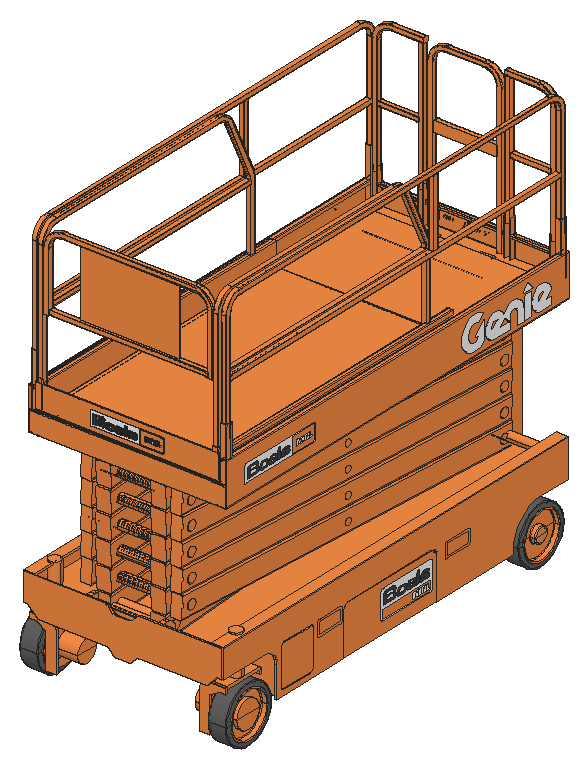
Revit family "BoelsRental_ScissorLift_Genie_GS4655a", category Site, Revit 2019 (continued)
Definition of nested family "GS4655_BasketExtension"
  Forms (mm)
    Sweep 5, solid, material <- "Blue"
      profile origin (0, 256.136, 491.092) x (1, 0, 0) y (0, 1, 0)
        loop
          line (-605.691, -16) -> (-577.691, -16)
          arc (-577.691, -16) -> (-576.277, -15.414) -> (-575.691, -14) r 2
          line (-575.691, -14) -> (-575.691, 14)
          arc (-575.691, 14) -> (-576.277, 15.414) -> (-577.691, 16) r 2
        loop
          arc (577.691, 16) -> (576.277, 15.414) -> (575.691, 14) r 2
          line (575.691, 14) -> (575.691, -14)
          arc (575.691, -14) -> (576.277, -15.414) -> (577.691, -16) r 2
          line (577.691, -16) -> (605.691, -16)
          arc (605.691, -16) -> (607.105, -15.414) -> (607.691, -14) r 2
          line (607.691, -14) -> (607.691, 14)
          arc (607.691, 14) -> (607.105, 15.414) -> (605.691, 16) r 2
          line (605.691, 16) -> (577.691, 16)
    Extrusion 6, solid, material <- "Blue"
      sketch origin (0, 0, 0) x (1, 0, 0) y (0, 0, 1)
        loop
          line (-577.691, 717.832) -> (-605.691, 717.832)
          arc (-605.691, 717.832) -> (-607.105, 717.247) -> (-607.691, 715.832) r 2
          line (-607.691, 715.832) -> (-607.691, 687.832)
          arc (-607.691, 687.832) -> (-607.105, 686.418) -> (-605.691, 685.832) r 2
          line (-605.691, 685.832) -> (-577.691, 685.832)
          arc (-577.691, 685.832) -> (-576.277, 686.418) -> (-575.691, 687.832) r 2
          line (-575.691, 687.832) -> (-575.691, 715.832)
          arc (-575.691, 715.832) -> (-576.277, 717.247) -> (-577.691, 717.832) r 2
        loop
          arc (577.691, 717.832) -> (576.277, 717.247) -> (575.691, 715.832) r 2
          line (575.691, 715.832) -> (575.691, 687.832)
          arc (575.691, 687.832) -> (576.277, 686.418) -> (577.691, 685.832) r 2
          line (577.691, 685.832) -> (605.691, 685.832)
          arc (605.691, 685.832) -> (607.105, 686.418) -> (607.691, 687.832) r 2
          line (607.691, 687.832) -> (607.691, 715.832)
          arc (607.691, 715.832) -> (607.105, 717.247) -> (605.691, 717.832) r 2
          line (605.691, 717.832) -> (577.691, 717.832)
      from -240.136 to 1480.831
    Extrusion 7, solid, material <- "Blue"
      sketch origin (0, 0, 0) x (1, 0, 0) y (0, 1, 0)
        loop
          line (575.691, -1513.831) -> (575.691, -1517.831) -> (608.691, -1517.831)
          arc (608.691, -1517.831) -> (611.519, -1516.659) -> (612.691, -1513.831) r 4
          line (612.691, -1513.831) -> (612.691, -1479.831)
          arc (612.691, -1479.831) -> (611.519, -1477.002) -> (608.691, -1475.831) r 4
          line (608.691, -1475.831) -> (575.691, -1475.831) -> (575.691, -1479.831) -> (608.691, -1479.831) -> (608.691, -1513.831) -> (575.691, -1513.831)
        loop
          line (-575.691, -1513.831) -> (-608.691, -1513.831) -> (-608.691, -1479.831) -> (-575.691, -1479.831) -> (-575.691, -1475.831) -> (-608.691, -1475.831)
          arc (-608.691, -1475.831) -> (-611.519, -1477.002) -> (-612.691, -1479.831) r 4
          line (-612.691, -1479.831) -> (-612.691, -1513.831)
          arc (-612.691, -1513.831) -> (-611.519, -1516.659) -> (-608.691, -1517.831) r 4
          line (-608.691, -1517.831) -> (-575.691, -1517.831) -> (-575.691, -1513.831)
      from 100 to 290
    Extrusion 8, solid, material <- "Blue"
      sketch origin (0, 0, 0) x (0, 1, 0) y (0, 0, 1)
        loop
          arc (-1482.831, 685.837) -> (-1481.416, 686.423) -> (-1480.831, 687.837) r 2
          line (-1480.831, 687.837) -> (-1480.831, 715.832)
          arc (-1480.831, 715.832) -> (-1481.416, 717.247) -> (-1482.831, 717.832) r 2
          line (-1482.831, 717.832) -> (-1510.831, 717.832)
          arc (-1510.831, 717.832) -> (-1512.245, 717.247) -> (-1512.831, 715.832) r 2
          line (-1512.831, 715.832) -> (-1512.831, 687.837)
          arc (-1512.831, 687.837) -> (-1512.245, 686.423) -> (-1510.831, 685.837) r 2
          line (-1510.831, 685.837) -> (-1482.831, 685.837)
      from -536.113 to 535.115
    Sweep 9, solid, material <- "Blue"
      path origin (0, 0, 0) x (1, 0, 0) y (0, 0, 1)
        loop
          line (551.115, 682.662) -> (551.115, 1089.782)
          arc (551.115, 1089.782) -> (521.532, 1161.2) -> (450.115, 1190.782) r 101
          line (450.115, 1190.782) -> (-451.113, 1190.782)
          arc (-451.113, 1190.782) -> (-522.531, 1161.2) -> (-552.113, 1089.782) r 101
          line (-552.113, 1089.782) -> (-552.113, 682.662)
      profile origin (-552.113, 0, 886.222) x (0, -1, 0) y (1, 0, 0)
        loop
          arc (1512.831, 14) -> (1512.245, 15.414) -> (1510.831, 16) r 2
          line (1510.831, 16) -> (1482.831, 16)
          arc (1482.831, 16) -> (1481.416, 15.414) -> (1480.831, 14) r 2
          line (1480.831, 14) -> (1480.831, -14)
          arc (1480.831, -14) -> (1481.416, -15.414) -> (1482.831, -16) r 2
          line (1482.831, -16) -> (1510.831, -16)
          arc (1510.831, -16) -> (1512.245, -15.414) -> (1512.831, -14) r 2
          line (1512.831, -14) -> (1512.831, 14)
    Extrusion 10, solid, material <- "Blue"
      sketch origin (0, 0, 0) x (1, 0, 0) y (0, 0, 1)
        loop
          arc (574.827, 101.131) -> (579.524, 103.076) -> (581.47, 107.773) r 6.642
          line (581.47, 107.773) -> (581.47, 252.339)
          arc (581.47, 252.339) -> (582.637, 255.157) -> (585.455, 256.325) r 3.985
          line (585.455, 256.325) -> (610.855, 256.325)
          arc (610.855, 256.325) -> (613.673, 255.157) -> (614.84, 252.339) r 3.985
          line (614.84, 252.339) -> (614.84, 231.994) -> (617.497, 231.994) -> (617.497, 252.339)
          arc (617.497, 252.339) -> (615.551, 257.036) -> (610.855, 258.982) r 6.642
          line (610.855, 258.982) -> (585.455, 258.982)
          arc (585.455, 258.982) -> (580.758, 257.036) -> (578.813, 252.339) r 6.642
          line (578.813, 252.339) -> (578.813, 107.773)
          arc (578.813, 107.773) -> (577.645, 104.955) -> (574.827, 103.788) r 3.985
          line (574.827, 103.788) -> (553.413, 103.788) -> (553.413, 101.131) -> (574.827, 101.131)
        loop
          line (-574.827, 101.131) -> (-553.413, 101.131) -> (-553.413, 103.788) -> (-574.827, 103.788)
          arc (-574.827, 103.788) -> (-577.645, 104.955) -> (-578.813, 107.773) r 3.985
          line (-578.813, 107.773) -> (-578.813, 252.339)
          arc (-578.813, 252.339) -> (-580.758, 257.036) -> (-585.455, 258.982) r 6.642
          line (-585.455, 258.982) -> (-610.855, 258.982)
          arc (-610.855, 258.982) -> (-615.551, 257.036) -> (-617.497, 252.339) r 6.642
          line (-617.497, 252.339) -> (-617.497, 231.994) -> (-614.84, 231.994) -> (-614.84, 252.339)
          arc (-614.84, 252.339) -> (-613.673, 255.157) -> (-610.855, 256.325) r 3.985
          line (-610.855, 256.325) -> (-585.455, 256.325)
          arc (-585.455, 256.325) -> (-582.637, 255.157) -> (-581.47, 252.339) r 3.985
          line (-581.47, 252.339) -> (-581.47, 107.773)
          arc (-581.47, 107.773) -> (-579.524, 103.076) -> (-574.827, 101.131) r 6.642
      from -451.157 to 1478.09
  Dimensions and locks
    aligned and locked: plane 2 to Extrusion 1
    aligned and locked: level to Extrusion 1
  Nested families
    nested 1: "Logo_Type1_500x100mm" at (0, -1520, 172.997) x (1, 0, 0) z (0, -1, 0), type "Logo_Type1_500x100mm"
  Definition of nested family "Logo_Type1_500x100mm"
    Parameters (values of type "Logo_Type1_500x100mm")
      White = none
      Orange = none
      Default Elevation = 0 mm
      Black = none
    Reference planes
      plane 1 "Center (Front/Back)": y = 0
      plane 2: z = 0
      plane 3 "Center (Left/Right)": x = 0
      plane 4: x = -250
      plane 5: y = 50
      plane 6: y = -50
      plane 7: x = 250
    Forms (mm)
      Extrusion 1, solid
        sketch origin (0, 0, 0) x (1, 0, 0) y (0, 1, 0)
          loop
            line (-1219.2, 1219.2) -> (-1219.2, -1219.2) -> (1219.2, -1219.2) -> (1219.2, 1219.2) -> (-1219.2, 1219.2)
        from 0 to -304.8
      Extrusion 2, solid, material <- "Black"
        sketch origin (0, 0, 0) x (1, 0, 0) y (0, 1, 0)
          loop
            line (-228.916, -29.92) -> (-166.667, -29.92)
            arc (-166.667, -29.92) -> (-150.611, -16.082) -> (-161.927, 1.84) r 16.234
            arc (-161.927, 1.84) -> (-153.257, 19.585) -> (-168.675, 31.928) r 15.8
            line (-168.675, 31.928) -> (-228.916, 31.928) -> (-228.916, -29.92)
          loop
            line (-14.056, -29.92) -> (0, -29.92) -> (0, 31.928) -> (-14.056, 31.928) -> (-14.056, -29.92)
          loop
            line (-210.843, -15.863) -> (-174.699, -15.863)
            arc (-174.699, -15.863) -> (-168.675, -9.839) -> (-174.699, -3.815) r 6.024
            line (-174.699, -3.815) -> (-210.843, -3.815) -> (-210.843, -15.863)
          loop
            line (-210.843, 18.876) -> (-210.843, 6.827) -> (-176.707, 6.827)
            arc (-176.707, 6.827) -> (-170.683, 12.851) -> (-176.707, 18.876) r 6.024
            line (-176.707, 18.876) -> (-210.843, 18.876)
          loop
            arc (-142.868, 1.752) -> (-144.409, -8.835) -> (-142.868, -19.423) r 37.149
            arc (-142.868, -19.423) -> (-139.541, -24.796) -> (-133.951, -27.746) r 12.048
            arc (-133.951, -27.746) -> (-114.288, -29.92) -> (-94.626, -27.746) r 90.027
            arc (-94.626, -27.746) -> (-89.036, -24.796) -> (-85.708, -19.423) r 12.048
            arc (-85.708, -19.423) -> (-84.168, -8.835) -> (-85.708, 1.752) r 37.149
            arc (-85.708, 1.752) -> (-89.036, 7.126) -> (-94.626, 10.075) r 12.048
            arc (-94.626, 10.075) -> (-114.288, 12.249) -> (-133.951, 10.075) r 90.027
            arc (-133.951, 10.075) -> (-139.541, 7.126) -> (-142.868, 1.752) r 12.048
          loop
            arc (-122.506, 0.776) -> (-125.834, -0.671) -> (-127.726, -3.767) r 6.024
            arc (-127.726, -3.767) -> (-128.345, -8.835) -> (-127.726, -13.904) r 21.084
            arc (-127.726, -13.904) -> (-125.834, -17) -> (-122.506, -18.447) r 6.024
            arc (-122.506, -18.447) -> (-114.288, -18.876) -> (-106.071, -18.447) r 78.983
            arc (-106.071, -18.447) -> (-102.743, -17) -> (-100.85, -13.904) r 6.024
            arc (-100.85, -13.904) -> (-100.232, -8.835) -> (-100.85, -3.767) r 21.084
            arc (-100.85, -3.767) -> (-102.743, -0.671) -> (-106.071, 0.776) r 6.024
            arc (-106.071, 0.776) -> (-114.288, 1.205) -> (-122.506, 0.776) r 78.983
          loop
            arc (-77.607, 1.752) -> (-79.148, -8.835) -> (-77.607, -19.423) r 37.149
            arc (-77.607, -19.423) -> (-74.28, -24.796) -> (-68.69, -27.746) r 12.048
            arc (-68.69, -27.746) -> (-49.027, -29.92) -> (-29.365, -27.746) r 90.027
            arc (-29.365, -27.746) -> (-23.775, -24.796) -> (-20.447, -19.423) r 12.048
            arc (-20.447, -19.423) -> (-20.022, -17.868) -> (-19.664, -16.297) r 37.149
            line (-19.664, -16.297) -> (-36.106, -16.297)
            arc (-36.106, -16.297) -> (-38.052, -19.176) -> (-41.266, -20.501) r 6.024
            arc (-41.266, -20.501) -> (-49.027, -20.884) -> (-56.789, -20.501) r 78.983
            arc (-56.789, -20.501) -> (-60.002, -19.176) -> (-61.949, -16.297) r 6.024
            arc (-61.949, -16.297) -> (-62.627, -13.6) -> (-63.003, -10.843) r 25.1
            line (-63.003, -10.843) -> (-18.961, -10.843)
            arc (-18.961, -10.843) -> (-19.163, -4.482) -> (-20.447, 1.752) r 37.149
            arc (-20.447, 1.752) -> (-23.775, 7.126) -> (-29.365, 10.075) r 12.048
            arc (-29.365, 10.075) -> (-49.027, 12.249) -> (-68.69, 10.075) r 90.027
            arc (-68.69, 10.075) -> (-74.28, 7.126) -> (-77.607, 1.752) r 12.048
          loop
            arc (-56.789, 2.831) -> (-60.002, 1.506) -> (-61.949, -1.374) r 6.024
            arc (-61.949, -1.374) -> (-62.293, -2.587) -> (-62.576, -3.815) r 25.1
            line (-62.576, -3.815) -> (-35.478, -3.815)
            arc (-35.478, -3.815) -> (-35.761, -2.587) -> (-36.106, -1.374) r 25.1
            arc (-36.106, -1.374) -> (-38.052, 1.506) -> (-41.266, 2.831) r 6.024
            arc (-41.266, 2.831) -> (-49.027, 3.213) -> (-56.789, 2.831) r 78.983
          loop
            line (21.084, -29.92) -> (53.213, -29.92)
            arc (53.213, -29.92) -> (66.265, -16.867) -> (53.213, -3.815) r 13.052
            line (53.213, -3.815) -> (28.112, -3.815)
            arc (28.112, -3.815) -> (24.096, 0.201) -> (28.112, 4.217) r 4.016
            line (28.112, 4.217) -> (44.177, 4.217)
            arc (44.177, 4.217) -> (46.717, 3.312) -> (48.112, 1.004) r 4.016
            line (48.112, 1.004) -> (66.139, 1.004)
            arc (66.139, 1.004) -> (61.779, 9.044) -> (53.213, 12.249) r 13.052
            line (53.213, 12.249) -> (21.084, 12.249)
            arc (21.084, 12.249) -> (8.032, -0.803) -> (21.084, -13.855) r 13.052
            line (21.084, -13.855) -> (46.185, -13.855)
            arc (46.185, -13.855) -> (50.201, -17.871) -> (46.185, -21.888) r 4.016
            line (46.185, -21.888) -> (28.112, -21.888)
            arc (28.112, -21.888) -> (25.273, -20.711) -> (24.096, -17.871) r 4.016
            line (24.096, -17.871) -> (24.096, -16.867) -> (8.032, -16.867)
            arc (8.032, -16.867) -> (11.855, -26.097) -> (21.084, -29.92) r 13.052
        from 0 to 2.5
      Extrusion 3, solid, material <- "White"
        sketch origin (0, 0, 0) x (1, 0, 0) y (0, 1, 0)
          loop
            arc (-247.992, -37.952) -> (-245.051, -45.051) -> (-237.952, -47.992) r 10.04
            line (-237.952, -47.992) -> (237.952, -47.992)
            arc (237.952, -47.992) -> (245.051, -45.051) -> (247.992, -37.952) r 10.04
            line (247.992, -37.952) -> (247.992, 37.952)
            arc (247.992, 37.952) -> (245.051, 45.051) -> (237.952, 47.992) r 10.04
            line (237.952, 47.992) -> (-237.952, 47.992)
            arc (-237.952, 47.992) -> (-245.051, 45.051) -> (-247.992, 37.952) r 10.04
            line (-247.992, 37.952) -> (-247.992, -37.952)
          loop
            line (83.333, 45.984) -> (83.333, -45.984) -> (237.952, -45.984)
            arc (237.952, -45.984) -> (243.631, -43.631) -> (245.984, -37.952) r 8.032
            line (245.984, -37.952) -> (245.984, 37.952)
            arc (245.984, 37.952) -> (243.631, 43.631) -> (237.952, 45.984) r 8.032
            line (237.952, 45.984) -> (83.333, 45.984)
          loop
            line (-228.916, -29.92) -> (-166.667, -29.92)
            arc (-166.667, -29.92) -> (-150.611, -16.082) -> (-161.927, 1.84) r 16.234
            arc (-161.927, 1.84) -> (-153.257, 19.585) -> (-168.675, 31.928) r 15.8
            line (-168.675, 31.928) -> (-228.916, 31.928) -> (-228.916, -29.92)
          loop
            line (-14.056, -29.92) -> (0, -29.92) -> (0, 31.928) -> (-14.056, 31.928) -> (-14.056, -29.92)
          loop
            line (-210.843, -15.863) -> (-174.699, -15.863)
            arc (-174.699, -15.863) -> (-168.675, -9.839) -> (-174.699, -3.815) r 6.024
            line (-174.699, -3.815) -> (-210.843, -3.815) -> (-210.843, -15.863)
          loop
            line (-210.843, 18.876) -> (-210.843, 6.827) -> (-176.707, 6.827)
            arc (-176.707, 6.827) -> (-170.683, 12.851) -> (-176.707, 18.876) r 6.024
            line (-176.707, 18.876) -> (-210.843, 18.876)
          loop
            arc (-142.868, 1.752) -> (-144.409, -8.835) -> (-142.868, -19.423) r 37.149
            arc (-142.868, -19.423) -> (-139.541, -24.796) -> (-133.951, -27.746) r 12.048
            arc (-133.951, -27.746) -> (-114.288, -29.92) -> (-94.626, -27.746) r 90.027
            arc (-94.626, -27.746) -> (-89.036, -24.796) -> (-85.708, -19.423) r 12.048
            arc (-85.708, -19.423) -> (-84.168, -8.835) -> (-85.708, 1.752) r 37.149
            arc (-85.708, 1.752) -> (-89.036, 7.126) -> (-94.626, 10.075) r 12.048
            arc (-94.626, 10.075) -> (-114.288, 12.249) -> (-133.951, 10.075) r 90.027
            arc (-133.951, 10.075) -> (-139.541, 7.126) -> (-142.868, 1.752) r 12.048
          loop
            arc (-122.506, 0.776) -> (-125.834, -0.671) -> (-127.726, -3.767) r 6.024
            arc (-127.726, -3.767) -> (-128.345, -8.835) -> (-127.726, -13.904) r 21.084
            arc (-127.726, -13.904) -> (-125.834, -17) -> (-122.506, -18.447) r 6.024
            arc (-122.506, -18.447) -> (-114.288, -18.876) -> (-106.071, -18.447) r 78.983
            arc (-106.071, -18.447) -> (-102.743, -17) -> (-100.85, -13.904) r 6.024
            arc (-100.85, -13.904) -> (-100.232, -8.835) -> (-100.85, -3.767) r 21.084
            arc (-100.85, -3.767) -> (-102.743, -0.671) -> (-106.071, 0.776) r 6.024
            arc (-106.071, 0.776) -> (-114.288, 1.205) -> (-122.506, 0.776) r 78.983
          loop
            arc (-77.607, 1.752) -> (-79.148, -8.835) -> (-77.607, -19.423) r 37.149
            arc (-77.607, -19.423) -> (-74.28, -24.796) -> (-68.69, -27.746) r 12.048
            arc (-68.69, -27.746) -> (-49.027, -29.92) -> (-29.365, -27.746) r 90.027
            arc (-29.365, -27.746) -> (-23.775, -24.796) -> (-20.447, -19.423) r 12.048
            arc (-20.447, -19.423) -> (-20.022, -17.868) -> (-19.664, -16.297) r 37.149
            line (-19.664, -16.297) -> (-36.106, -16.297)
            arc (-36.106, -16.297) -> (-38.052, -19.176) -> (-41.266, -20.501) r 6.024
            arc (-41.266, -20.501) -> (-49.027, -20.884) -> (-56.789, -20.501) r 78.983
            arc (-56.789, -20.501) -> (-60.002, -19.176) -> (-61.949, -16.297) r 6.024
            arc (-61.949, -16.297) -> (-62.627, -13.6) -> (-63.003, -10.843) r 25.1
            line (-63.003, -10.843) -> (-18.961, -10.843)
            arc (-18.961, -10.843) -> (-19.163, -4.482) -> (-20.447, 1.752) r 37.149
            arc (-20.447, 1.752) -> (-23.775, 7.126) -> (-29.365, 10.075) r 12.048
            arc (-29.365, 10.075) -> (-49.027, 12.249) -> (-68.69, 10.075) r 90.027
            arc (-68.69, 10.075) -> (-74.28, 7.126) -> (-77.607, 1.752) r 12.048
          loop
            arc (-56.789, 2.831) -> (-60.002, 1.506) -> (-61.949, -1.374) r 6.024
            arc (-61.949, -1.374) -> (-62.293, -2.587) -> (-62.576, -3.815) r 25.1
            line (-62.576, -3.815) -> (-35.478, -3.815)
            arc (-35.478, -3.815) -> (-35.761, -2.587) -> (-36.106, -1.374) r 25.1
            arc (-36.106, -1.374) -> (-38.052, 1.506) -> (-41.266, 2.831) r 6.024
            arc (-41.266, 2.831) -> (-49.027, 3.213) -> (-56.789, 2.831) r 78.983
          loop
            line (21.084, -29.92) -> (53.213, -29.92)
            arc (53.213, -29.92) -> (66.265, -16.867) -> (53.213, -3.815) r 13.052
            line (53.213, -3.815) -> (28.112, -3.815)
            arc (28.112, -3.815) -> (24.096, 0.201) -> (28.112, 4.217) r 4.016
            line (28.112, 4.217) -> (44.177, 4.217)
            arc (44.177, 4.217) -> (46.717, 3.312) -> (48.112, 1.004) r 4.016
            line (48.112, 1.004) -> (66.139, 1.004)
            arc (66.139, 1.004) -> (61.779, 9.044) -> (53.213, 12.249) r 13.052
            line (53.213, 12.249) -> (21.084, 12.249)
            arc (21.084, 12.249) -> (8.032, -0.803) -> (21.084, -13.855) r 13.052
            line (21.084, -13.855) -> (46.185, -13.855)
            arc (46.185, -13.855) -> (50.201, -17.871) -> (46.185, -21.888) r 4.016
            line (46.185, -21.888) -> (28.112, -21.888)
            arc (28.112, -21.888) -> (25.273, -20.711) -> (24.096, -17.871) r 4.016
            line (24.096, -17.871) -> (24.096, -16.867) -> (8.032, -16.867)
            arc (8.032, -16.867) -> (11.855, -26.097) -> (21.084, -29.92) r 13.052
          loop
            line (116.466, -13.034) -> (121.486, -13.034) -> (121.486, -2.026) -> (123.494, -2.026)
            arc (123.494, -2.026) -> (126.334, -3.203) -> (127.51, -6.042) r 4.016
            line (127.51, -6.042) -> (127.51, -13.034) -> (132.53, -13.034) -> (132.53, -6.042)
            arc (132.53, -6.042) -> (131.759, -2.391) -> (129.578, 0.638) r 9.036
            arc (129.578, 0.638) -> (132.226, 8.252) -> (125.737, 13.034) r 6.793
            line (125.737, 13.034) -> (116.466, 13.034) -> (116.466, -13.034)
          loop
            line (121.486, 9.018) -> (121.486, 1.99) -> (123.996, 1.99)
            arc (123.996, 1.99) -> (127.51, 5.504) -> (123.996, 9.018) r 3.514
            line (123.996, 9.018) -> (121.486, 9.018)
          loop
            line (134.538, 13.034) -> (134.538, -13.034) -> (150.602, -13.034) -> (150.602, -9.018) -> (138.554, -9.018) -> (138.554, -1.99) -> (148.594, -1.99) -> (148.594, 1.99) -> (138.554, 1.99) -> (138.554, 9.018) -> (150.602, 9.018) -> (150.602, 13.034) -> (134.538, 13.034)
          loop
            line (152.61, -13.034) -> (156.627, -13.034) -> (156.627, 4.345) -> (164.659, -13.034) -> (168.675, -13.034) -> (168.675, 13.034) -> (164.659, 13.034) -> (164.659, -4.345) -> (156.627, 13.034) -> (152.61, 13.034) -> (152.61, -13.034)
          loop
            line (170.683, 13.034) -> (170.683, 9.018) -> (176.707, 9.018) -> (176.707, -13.034) -> (180.723, -13.034) -> (180.723, 9.018) -> (186.747, 9.018) -> (186.747, 13.034) -> (170.683, 13.034)
          loop
            line (188.755, -13.034) -> (192.845, -13.034) -> (194.005, -7.01) -> (199.569, -7.01) -> (200.729, -13.034) -> (204.819, -13.034) -> (199.799, 13.034) -> (193.775, 13.034) -> (188.755, -13.034)
          loop
            line (196.325, 5.038) -> (194.778, -2.994) -> (198.796, -2.994) -> (197.249, 5.038) -> (196.325, 5.038)
          loop
            line (206.827, -13.034) -> (222.892, -13.034) -> (222.892, -9.018) -> (210.843, -9.018) -> (210.843, 13.034) -> (206.827, 13.034) -> (206.827, -13.034)
        from 0 to 2.5
    Dimensions and locks
      plane 6 to plane 5 = 100 mm
      plane 4 to plane 7 = 500 mm
      aligned and locked: plane 2 to Extrusion 1
      aligned and locked: level to Extrusion 1
Definition of nested family "GS4655_ErrorMark"
  Parameters (values of type "GS4655_ErrorMark")
    Clearance = none
  Reference planes
    plane 1 "Center (Front/Back)": y = 0
    plane 2: z = 0
    plane 3 "Center (Left/Right)": x = 0
  Forms (mm)
    Revolve 1, solid, material <- "Clearance"
      sketch origin (0, 0, 100) x (1, 0, 0) y (0, 0, 1)
        loop
          arc (0, 109.705) -> (-54.852, 54.852) -> (0, 0) r 54.852
          line (0, 0) -> (0, 109.705)
        loop
          arc (-53.679, 966.833) -> (-54.621, 964.467) -> (-55.149, 961.975) r 15
          arc (-55.149, 961.975) -> (-72.823, 599.913) -> (-36.099, 239.285) r 2414.757
          arc (-36.099, 239.285) -> (-34.235, 234.27) -> (-30.728, 230.227) r 15
          arc (-30.728, 230.227) -> (-16.288, 222.194) -> (0, 219.41) r 49.074
          line (0, 219.41) -> (0, 1000)
          arc (0, 1000) -> (-31.549, 991.039) -> (-53.679, 966.833) r 60.021
        axis (0, 1000) -> (0, 0)
      angle from 0 to 360
  Text (mm)
    text "Alert Text" at (-1.822, 0, 300.028), in view "Back"
    text "Alert Text" at (0, 1.166, 299.9), in view "Right"
  Dimensions and locks
    aligned and locked: level to plane 2
